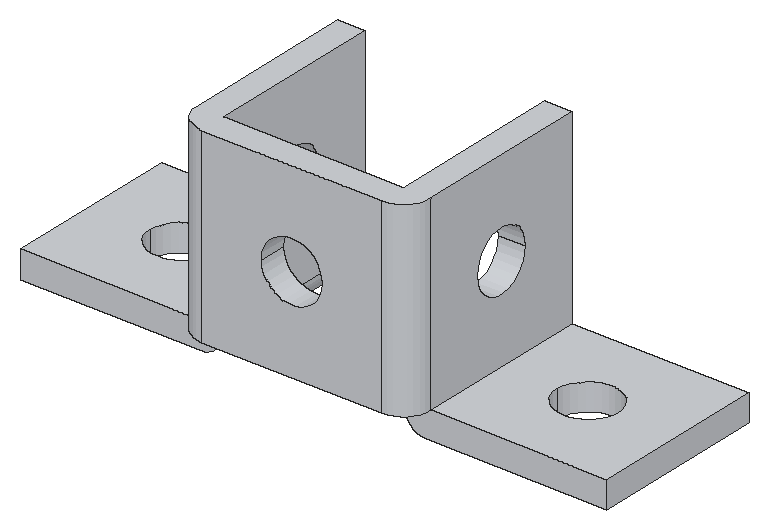
Revit family "Fitting-Wing_Shape-Unistrut-P2345", category Specialty Equipment, Revit 2012
Parameters (values of type "P2345")
  ecoScorecard_data = "http://products.ecoscorecard.com/atkore/P2345"
  ecoScorecard Product Page = "http://products.ecoscorecard.com/atkore/P2345?action=html"
  Weight Per Piece = 0.93 lbf
  Unit = none
  Unistrut Part Number = "P2345"  # constant formula
  URL = "http://unistrut.us/index.php"
  Thickness = 1/4"
  Subcategory = "Wing Shape Fittings"  # constant formula
  Product Page URL = "http://unistrut.us/index.php?WP=cat_detail&S=S05&P=P2345"
  Power Strut Part Number = "PS 923"  # constant formula
  Part Type = "Fitting"  # constant formula
  Overall Width = 5 13/32"
  Overall Length = 1 5/8"
  Overall Height = 2"
  Model = "P2345"
  Material = ""
  Manufacturer Phone - Toll Free = "800-882-5543"  # constant formula
  Manufacturer Phone = "708-339-1610"  # constant formula
  Manufacturer Fax = "708-339-7814"  # constant formula
  Manufacturer Email = "mailto:jshaw@atkore.com"
  Manufacturer Address = "16100 South Lathrop Avenue, Harvey, IL 60426"  # constant formula
  Manufacturer = "Unistrut by Atkore International"  # constant formula
  Load Capacity Note = "Visit the product page for load application and capacity."  # constant formula
  Literature URL = "http://unistrut.us/index.php?WP=LItLibrary"
  Hole Diameter = 9/16"
  Cost Info = "mailto:jshaw@atkore.com"
  CAD URL = "http://unistrut.us/index.php?WP=CAD3d"
  Assembly Code = "D5020100"
  95 CSI = "16070"  # constant formula
  04 CSI = "26 05 48"  # constant formula
Reference planes (in)
  plane 1 "Center (Front/Back)": y = 0
  plane 2: z = 0
  plane 3 "Center (Left/Right)": x = 0
  plane 4: z = 2
  plane 5: x = -2.70312
  plane 6: y = 0.8125
  plane 7: x = 2.70312
  plane 8: y = -0.8125
  plane 9: z = 0.25
  plane 10: x = -1.87433
  plane 11: x = 1.87433
  plane 12: z = 1.125
Dimensions and locks (in)
  "Overall Height": plane 4 to plane 2
  equal spacing: plane 6, plane 1 "Center (Front/Back)", plane 8
  "Overall Length": plane 6 to plane 8
  equal spacing: plane 5, plane 3 "Center (Left/Right)", plane 7
  "Overall Width": plane 5 to plane 7
  "Thickness": plane 9 to plane 2
  aligned and locked: level to plane 2
Nested families (in)
  nested 1: "2345" at (0, -0.9375, 2) x (1, 0, 0) z (0, 0, -1), type "2345"
Definition of nested family "2345"
  Parameters (values of type "P2345")
    Width = 5 13/32"
    Unit = none
    Thickness = 1/4"
    Height = 2"
    Radiuis = Diameter / 2  # 9/32"
    Length = 1 5/8"
    Diameter = 9/16"
    Default Elevation = 0"
    Bolt Length [instance] = 1 1/2"
  Reference planes (in)
    plane 1 "Center (Front/Back)": y = 0
    plane 2: z = 0
    plane 3 "Center (Left/Right)": x = 0
    plane 4: z = 2
    plane 5: y = 1.75
    plane 6: x = -2.70312
    plane 7: x = 2.70312
    plane 8: y = 0.125
    plane 9: x = 0.82813
    plane 10: x = -0.82812
    plane 11: z = 1.75
    plane 12: z = 0.875
    plane 13: y = 0.9375
  Forms (in)
    Extrusion 1, solid, material <- "Unit"
      sketch origin (0, 0, 0) x (1, 0, 0) y (0, 1, 0)
        loop
          line (-0.82812, 1.75) -> (-1.07812, 1.75) -> (-1.07812, 0.125)
          arc (-1.07812, 0.125) -> (-1.0049, -0.05178) -> (-0.82813, -0.125) r 0.25
          line (-0.82813, -0.125) -> (0.82812, -0.125)
          arc (0.82812, -0.125) -> (1.0049, -0.05178) -> (1.07812, 0.125) r 0.25
          line (1.07812, 0.125) -> (1.07813, 1.75) -> (0.82813, 1.75) -> (0.82813, 0.125) -> (-0.82812, 0.125) -> (-0.82812, 1.75)
      from 0 to 1.75
    Extrusion 2, solid, material <- "Unit"
      sketch origin (0, 0, 0) x (1, 0, 0) y (0, 0, 1)
        loop
          line (0.82812, 1.75) -> (2.70313, 1.75) -> (2.70313, 2) -> (1.04554, 2)
          arc (1.04554, 2) -> (0.8918, 1.93632) -> (0.82812, 1.78259) r 0.21741
          line (0.82812, 1.78259) -> (0.82812, 1.75)
        loop
          line (-0.82813, 1.75) -> (-0.82813, 1.78259)
          arc (-0.82813, 1.78259) -> (-0.8918, 1.93632) -> (-1.04554, 2) r 0.21741
          line (-1.04554, 2) -> (-2.70313, 2) -> (-2.70313, 1.75) -> (-0.82813, 1.75)
      from -1.75 to -0.125
    Extrusion 3, void
      sketch origin (0, 0, 0) x (1, 0, 0) y (0, 1, 0)
        loop
          circle (1.87433, 0.9375) r 0.28125
        loop
          circle (-1.87433, 0.9375) r 0.28125
      from 1.75 to 2
    Extrusion 4, void
      sketch origin (0, 0, 0) x (1, 0, 0) y (0, 0, 1)
        loop
          circle (0, 0.875) r 0.28125
      from -0.125 to 0.125
    Extrusion 5, void
      sketch origin (0, 0, 0) x (0, 1, 0) y (0, 0, 1)
        loop
          circle (0.9375, 0.875) r 0.28125
      from -1.07812 to 1.07813
  Cuts and joins
    Extrusion 3, Extrusion 4, Extrusion 5 cuts Extrusion 1
    Extrusion 3, Extrusion 4, Extrusion 5 cuts Extrusion 2
    joined: Extrusion 1, Extrusion 2
  Dimensions and locks (in)
    "Height": plane 4 to plane 2
    equal spacing: plane 6, plane 3 "Center (Left/Right)", plane 7
    "Width": plane 6 to plane 7
    equal spacing: plane 10, plane 3 "Center (Left/Right)", plane 9
    plane 10 to plane 9 = 1 21/32"
    "Thickness": plane 4 to plane 11
    locked: Extrusion 3 sketch curve to plane 7 at 0.82879
    locked: plane 6 to Extrusion 3 sketch curve at 0.82879
    "Length": plane 5 to plane 8
    equal spacing: plane 5, plane 13, plane 8
    "Radiuis": radius of Extrusion 3 sketch curve  (x2)
    "Radiuis": radius of Extrusion 4 sketch curve
    "Radiuis": radius of Extrusion 5 sketch curve
    aligned and locked: level to plane 2
    aligned and locked: Extrusion 1 sketch curve to plane 10
    aligned and locked: Extrusion 1 sketch curve to plane 8
    aligned and locked: Extrusion 1 sketch curve to plane 9
    aligned and locked: Extrusion 1 to plane 2
    aligned and locked: plane 11 to Extrusion 1
    aligned and locked: Extrusion 2 sketch curve to Extrusion 1
    aligned and locked: plane 4 to Extrusion 2 sketch curve
    aligned and locked: Extrusion 2 sketch curve to plane 7
    aligned and locked: plane 5 to Extrusion 2
    aligned and locked: plane 11 to Extrusion 2 sketch curve
    aligned and locked: plane 6 to Extrusion 2 sketch curve
    aligned and locked: Extrusion 2 sketch curve to plane 4
    aligned and locked: Extrusion 2 to plane 8
    aligned and locked: Extrusion 1 sketch curve to plane 5
    aligned and locked: Extrusion 2 sketch curve to plane 9
    aligned and locked: Extrusion 2 sketch curve to plane 10
    aligned and locked: Extrusion 3 to Extrusion 1
    aligned and locked: Extrusion 2 to Extrusion 3
    aligned and locked: plane 3 "Center (Left/Right)" to Extrusion 4 sketch curve
    aligned and locked: Extrusion 1 to Extrusion 4  (x2)
    aligned and locked: plane 12 to Extrusion 5 sketch curve
    aligned and locked: Extrusion 1 to Extrusion 5  (x2)
  Automatic sketch dimensions
    plane 11 to Extrusion 2 sketch curve = 0.03259"  (x2)
    Extrusion 1 sketch curve to plane 8 = 0"  (x2)
    Extrusion 1 sketch curve to plane 10 = 0"  (x2)
    Extrusion 1 sketch curve to plane 9 = 0"
    Extrusion 1 sketch curve to plane 5 = 0"
    Extrusion 1 sketch curve to plane 10 = 1/4"
    Extrusion 3 sketch curve to plane 5 = 13/16"  (x2)
    Extrusion 4 sketch curve to plane 12 = 0"
    Extrusion 5 sketch curve to plane 13 = 0"
